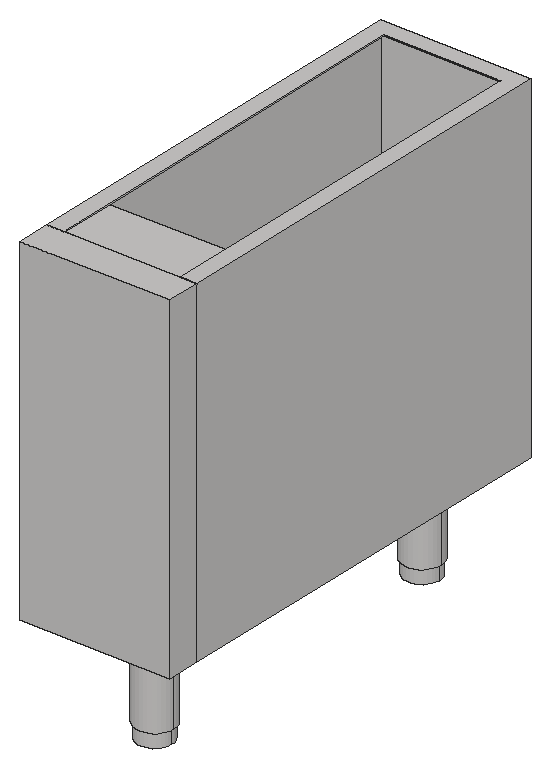
Revit family "QF_ZANUSSI_371210_E7BANB00C0", category Specialty Equipment, Revit 2018
Family settings
  Round Connector Dimension = Use Diameter
  Part Type = Normal
  Work Plane-Based = No
  Always vertical = Yes
  Cut with Voids When Loaded = No
  Shared = No
  Room Calculation Point = No
Parameters (values of type "Standard")
  Weight in Pounds = 15  # constant formula
  Weight = 7.00 kg
  Watts = 0 W
  Volts = 0 V
  URL Manufacturer = "http://www.zanussiprofessional.com"
  URL Cutsheet = "www.electrolux.com"
  URL = "http://www.zanussiprofessional.com"
  Type Mark [instance] = ""
  Steam Supply Size = 0"
  Steam Supply Minimum Pressure = 0.00 psi
  Steam Supply Maximum Pressure = 0.00 psi
  Steam Pounds per Hour = 0
  Status [instance] = ""
  Specification by User [instance] = ""
  Specification by Manufacturer = ""
  Serial Number = ""
  Seismic Rating = ""
  SMACNA No = ""
  Revision Code [instance] = ""
  Refrigeration Suction Line Size = 0"
  Refrigeration Liquid Line Size = 0"
  Refrigerant Compressor Remote = yes
  Phase = 0
  Omniclass Number and Title = ""
  NAFEM Spec ID Number = ""
  Model = "E7BANB00C0"
  Masterspec = ""
  Manufacturer = "Zanussi"
  Length Actual = 200.00 mm  # constant formula
  Item Number [instance] = "371210"
  Installed By [instance] = ""
  Identify Quantity as Lot [instance] = yes
  Hot Water Size = 0"
  Height Actual = 600.00 mm  # constant formula
  HP = "0 HP"
  Gas Size = 0"
  Gas KW = 0
  Gas Input Pressure = 0.0 Btu/h
  Furnished By [instance] = ""
  Foodservice Equipment Identifier [instance] = yes
  Description = "CLOSED BASE 200 MM"
  Depth Actual = 550.00 mm  # constant formula
  Cycle = 0 Hz
  Condensate Return Size = 0"
  Compressed Air Volume = 0 GPM
  Compressed Air Size = 0"
  Compressed Air Pressure = 0.00 psi
  Cold Water Size = 0"
  CSI MasterFormat = ""
  CSI Master Format = ""
  Accessory = yes
Types (2, lengths in mm): name | URL | Model | Manufacturer | Description
  (no name) | "www.electrolux.com" | "371210" | "ELECTROLUX" | "700XP Closed Base Cupboard  1_4 Module"
  Standard | "http://www.zanussiprofessional.com" | "E7BANB00C0" | "Zanussi" | "CLOSED BASE 200 MM"
Values of the unnamed type that differ from the named types
  URL Manufacturer = ""
  Item Number = ""
  HP = ""
Reference planes
  plane 1 "BACK": y = 0
  plane 2: z = 0
  plane 3 "LEFT": x = 0
  plane 4 "RIGHT": x = 199
  plane 5 "FRONT": y = -599
  plane 6 "TOP": z = 599
  plane 7 "Center Y": x = 99.5
  plane 8 "Center X": y = -299.5
  plane 9 "Base Height": z = 149
  plane 10: y = -56
Forms (mm)
  Extrusion 1, solid, material "QF_Finishes_Stainless Steel"
    sketch origin (0, 0, 149) x (-1, 0, 0) y (0, -1, 0)
      loop
        line (0, 0) -> (0, 554) -> (-22, 554) -> (-22, 22) -> (-177, 22) -> (-177, 554) -> (-199, 554) -> (-199, 0) -> (0, 0)
    from 448.412 to 450
  Extrusion 2, solid, material "QF_Finishes_Stainless Steel"
    sketch origin (0, -599, 0) x (1, 0, 0) y (0, 0, 1)
      loop
        line (0, 597.413) -> (0, 149) -> (22, 149) -> (22, 597.413) -> (0, 597.413)
      loop
        line (199, 149) -> (199, 597.413) -> (177, 597.413) -> (177, 149) -> (199, 149)
    from -45 to -46.587
  Extrusion 3, solid, material "QF_Finishes_Stainless Steel"
    sketch origin (0, 0, 0) x (0, 1, 0) y (0, 0, 1)
      loop
        line (-554, 597.413) -> (-554, 149) -> (0, 149) -> (0, 597.413) -> (-554, 597.413)
    from 0 to 1.59
  Extrusion 4, solid, material "QF_Finishes_Stainless Steel"
    sketch origin (199, 0, 0) x (0, 1, 0) y (0, 0, 1)
      loop
        line (-554, 597.413) -> (-554, 149) -> (0, 149) -> (0, 597.413) -> (-554, 597.413)
    from 0 to -1.59
  Extrusion 5, solid, material "QF_Finishes_Stainless Steel"
    sketch origin (0, 0, 0) x (1, 0, 0) y (0, 0, 1)
      loop
        line (0, 597.413) -> (0, 149) -> (199, 149) -> (199, 597.413) -> (0, 597.413)
    from 0 to 1.59
  Extrusion 6, solid, material "QF_Finishes_Stainless Steel"
    sketch origin (0, 0, 149) x (-1, 0, 0) y (0, -1, 0)
      loop
        line (-1.59, 1.59) -> (-1.59, 552.413) -> (-197.41, 552.413) -> (-197.41, 1.59) -> (-1.59, 1.59)
      loop
        circle (-152.751, 426.185) r 12.7
    from 0 to 45
  Extrusion 7, solid, material "QF_Finishes_Stainless Steel"
    sketch origin (0, 0, 0) x (0, 1, 0) y (0, 0, 1)
      loop
        line (-552.413, 597.413) -> (-552.413, 554.237) -> (-550.823, 554.237) -> (-550.823, 595.823) -> (-477.412, 595.823) -> (-477.412, 597.413) -> (-552.413, 597.413)
    from 1.59 to 198.41
  Extrusion 8, solid, material "QF_Finishes_Stainless Steel"
    sketch origin (0, 0, 149) x (-1, 0, 0) y (0, -1, 0)
      loop
        circle (-152.751, 426.185) r 12.7
    from -1.075 to 43.642
  Extrusion 9, solid, material "QF_Finishes_Black"
    sketch origin (0, -552.413, 554.237) x (0, 0, 1) y (-1, 0, 0)
      loop
        circle (20.291, -59.72) r 1.5
      loop
        circle (20.291, -140.28) r 1.5
    from 0 to 1.59
  Revolve 10, solid, material "QF_Finishes_Stainless Steel"
    sketch origin (44.5, -499, 0) x (1, 0, 0) y (0, 0, 1)
      loop
        line (54.5, 0) -> (54.5, 149) -> (29.1, 149) -> (29.1, 19.05) -> (31.6, 19.05) -> (31.6, 0) -> (54.5, 0)
      axis (54.5, 0) -> (54.5, 149)
    angle from 0 to 360
  Revolve 11, solid, material "QF_Finishes_Stainless Steel"
    sketch origin (44.5, -55, 0) x (1, 0, 0) y (0, 0, -1)
      loop
        line (54.5, 0) -> (31.6, 0) -> (31.6, -19.05) -> (29.1, -19.05) -> (29.1, -149) -> (54.5, -149) -> (54.5, 0)
      axis (54.5, 0) -> (54.5, -149)
    angle from 0 to 360
  Extrusion 12, solid, material "QF_Finishes_Stainless Steel"
    sketch origin (0, 0, 149) x (-1, 0, 0) y (0, -1, 0)
      loop
        line (0, 554) -> (0, 599) -> (-199, 599) -> (-199, 554) -> (0, 554)
    from 0 to 450
Cuts and joins
  joined: Extrusion 1, Extrusion 2, Extrusion 3, Extrusion 4, Extrusion 5, Extrusion 6, Extrusion 7, Extrusion 8
Lines and regions (mm)
  symbolic lines, style "SpecialityEquipment"
    curve 1: line (0, 0, 149) -> (199, 0, 149)
    curve 2: line (0, -599, 149) -> (0, 0, 149)
    curve 3: line (199, -554, 149) -> (0, -554, 149)
    curve 4: line (199, 0, 149) -> (199, -599, 149)
    curve 5: line (22, -477.412, 149) -> (177, -477.412, 149)
    curve 6: line (177, -554, 149) -> (177, -22, 149)
    curve 7: line (177, -22, 149) -> (22, -22, 149)
    curve 8: line (22, -22, 149) -> (22, -554, 149)
    curve 9: arc (140.051, -426.185, 149) -> (152.751, -413.485, 149) -> (165.451, -426.185, 149) r 12.7
    curve 10: arc (165.451, -426.185, 149) -> (152.751, -438.885, 149) -> (140.051, -426.185, 149) r 12.7
    curve 11: line (199, -599, 149) -> (0, -599, 149)
Dimensions and locks
  equal spacing: plane 3 "LEFT", plane 7 "Center Y", plane 4 "RIGHT"
  plane 3 "LEFT" to plane 4 "RIGHT" = 199.00 mm
  equal spacing: plane 5 "FRONT", plane 8 "Center X", plane 1 "BACK"
  plane 5 "FRONT" to plane 1 "BACK" = 599.00 mm
  plane 6 "TOP" to level = 599.00 mm
  plane 9 "Base Height" to level = 149.00 mm
  plane 6 "TOP" to plane 9 "Base Height" to level = 450.00 mm, 149.00 mm
  plane 1 "BACK" to plane 10 = 56.00 mm
  aligned and locked: level to plane 2
  aligned and locked: Revolve 10 to plane 9 "Base Height"
Automatic sketch dimensions
  plane 1 "BACK" to Extrusion 1 sketch curve = 0.00 mm
  Extrusion 1 sketch curve to plane 4 "RIGHT" = 0.00 mm
  Extrusion 1 sketch curve to plane 5 "FRONT" = 45.00 mm  (x2)
  Extrusion 1 sketch curve to plane 3 "LEFT" = 0.00 mm
  Extrusion 1 sketch curve to Extrusion 1 sketch curve = 22.00 mm
  plane 3 "LEFT" to Extrusion 1 sketch curve = 22.00 mm
  plane 1 "BACK" to Extrusion 1 sketch curve = 22.00 mm
  Extrusion 6 sketch curve to Extrusion 6 sketch curve = 0.00 mm  (x2)
  Extrusion 6 sketch curve to plane 4 "RIGHT" = 1.59 mm
  Extrusion 6 sketch curve to plane 4 "RIGHT" = 33.549 mm
  Extrusion 6 sketch curve to Extrusion 6 sketch curve = 12.70 mm
  plane 3 "LEFT" to Extrusion 6 sketch curve = 1.59 mm
  plane 1 "BACK" to Extrusion 6 sketch curve = 1.59 mm
  Extrusion 6 sketch curve to plane 8 "Center X" = 126.685 mm
  Extrusion 6 sketch curve to plane 5 "FRONT" = 46.587 mm
  Extrusion 7 sketch curve to plane 5 "FRONT" = 46.587 mm
  Extrusion 7 sketch curve to Extrusion 7 sketch curve = 1.59 mm
  Extrusion 7 sketch curve to plane 6 "TOP" = 3.178 mm
  Extrusion 7 sketch curve to Extrusion 7 sketch curve = 73.41 mm
  Extrusion 7 sketch curve to Extrusion 7 sketch curve = 41.585 mm
  Extrusion 7 sketch curve to plane 6 "TOP" = 1.588 mm
  Extrusion 8 sketch curve to plane 4 "RIGHT" = 46.249 mm
  Extrusion 8 sketch curve to plane 8 "Center X" = 126.685 mm
  Extrusion 9 sketch curve to Extrusion 7 = 20.291 mm  (x2)
  Extrusion 7 to Extrusion 9 sketch curve = 58.13 mm  (x2)
  Extrusion 12 sketch curve to plane 4 "RIGHT" = 0.00 mm
  Extrusion 12 sketch curve to plane 3 "LEFT" = 0.00 mm
  plane 5 "FRONT" to Extrusion 12 sketch curve = 0.00 mm
  Extrusion 12 sketch curve to Extrusion 12 sketch curve = 45.00 mm
  Extrusion 2 sketch curve to plane 3 "LEFT" = 0.00 mm
  Extrusion 2 sketch curve to plane 9 "Base Height" = 0.00 mm  (x2)
  Extrusion 2 sketch curve to plane 4 "RIGHT" = 0.00 mm
  plane 3 "LEFT" to Extrusion 2 sketch curve = 22.00 mm
  Extrusion 2 sketch curve to plane 4 "RIGHT" = 22.00 mm
  Extrusion 2 sketch curve to plane 6 "TOP" = 1.587 mm  (x2)
  Extrusion 3 sketch curve to plane 9 "Base Height" = 0.00 mm
  Extrusion 3 sketch curve to plane 1 "BACK" = 0.00 mm
  Extrusion 3 sketch curve to plane 6 "TOP" = 1.587 mm
  Extrusion 3 sketch curve to plane 5 "FRONT" = 45.00 mm
  Extrusion 4 sketch curve to plane 9 "Base Height" = 0.00 mm
  Extrusion 4 sketch curve to plane 1 "BACK" = 0.00 mm
  Extrusion 4 sketch curve to plane 6 "TOP" = 1.587 mm
  Extrusion 4 sketch curve to plane 5 "FRONT" = 45.00 mm
  Extrusion 5 sketch curve to plane 3 "LEFT" = 0.00 mm
  Extrusion 5 sketch curve to plane 4 "RIGHT" = 0.00 mm
  Extrusion 5 sketch curve to plane 9 "Base Height" = 0.00 mm
  Extrusion 5 sketch curve to plane 6 "TOP" = 1.587 mm
  plane 1 "BACK" to curve 1 = 0.00 mm
  plane 5 "FRONT" to curve 11 = 0.00 mm
  curve 7 to plane 4 "RIGHT" = 22.00 mm
  curve 10 to plane 4 "RIGHT" = 33.549 mm
  curve 9 to curve 10 = 12.70 mm
  plane 3 "LEFT" to curve 7 = 22.00 mm
  curve 9 to plane 8 "Center X" = 126.685 mm
  curve 5 to plane 5 "FRONT" = 121.588 mm
  Revolve 10 sketch curve to plane 9 "Base Height" = 0.00 mm
  Revolve 10 sketch curve to level = 0.00 mm
  Revolve 10 sketch curve to plane 7 "Center Y" = 25.90 mm
  Revolve 10 sketch curve to Revolve 10 sketch curve = 2.50 mm
  Revolve 10 sketch curve to plane 7 "Center Y" = 0.50 mm  (x2)
  level to Revolve 10 sketch curve = 19.05 mm
  plane 9 "Base Height" to Revolve 10 sketch curve = 1.00 mm
  Revolve 10 sketch curve to Revolve 10 sketch curve = 20.00 mm
  Revolve 11 sketch curve to plane 9 "Base Height" = 0.00 mm
  Revolve 11 sketch curve to level = 0.00 mm
  Revolve 11 sketch curve to plane 7 "Center Y" = 25.90 mm
  Revolve 11 sketch curve to Revolve 11 sketch curve = 2.50 mm
  Revolve 11 sketch curve to plane 7 "Center Y" = 0.50 mm  (x2)
  plane 9 "Base Height" to Revolve 11 sketch curve = 1.00 mm
  Revolve 11 sketch curve to Revolve 11 sketch curve = 20.00 mm
  level to Revolve 11 sketch curve = 19.05 mm
  curve 2 to plane 3 "LEFT" = 0.00 mm
  curve 3 to plane 4 "RIGHT" = 0.00 mm
  curve 6 to plane 5 "FRONT" = 45.00 mm
  plane 1 "BACK" to curve 7 = 22.00 mm
  radius of Extrusion 8 sketch curve = 12.70 mm
  radius of Extrusion 9 sketch curve = 1.50 mm  (x2)
